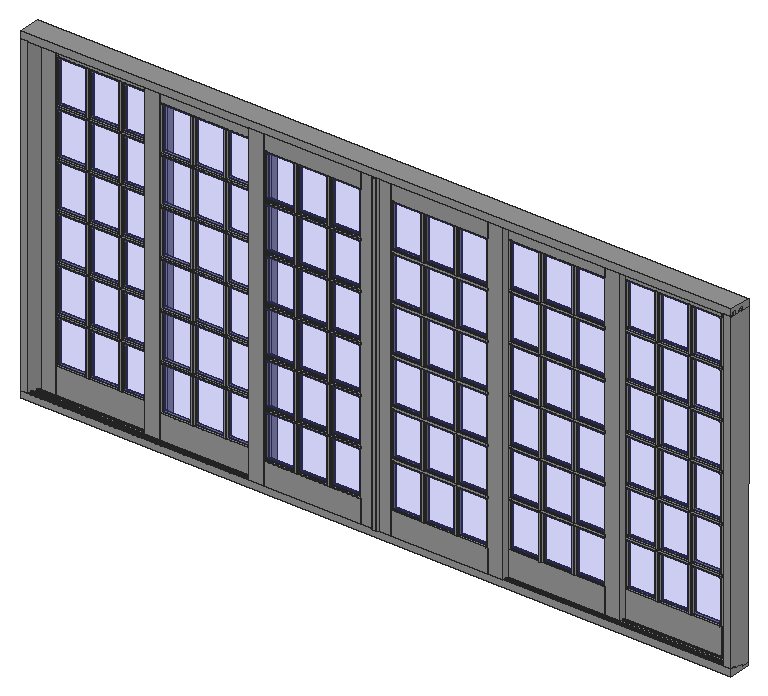
Revit family "VSD4.6SPCOTS", category Doors, host Wall, Revit 2015 (continued)
Automatic sketch dimensions
  Sweep 45 sketch curve to plane 3 "Left" = 1043.32 mm
  Sweep 45 sketch curve to Sweep 45 sketch curve = 197.32 mm
  Sweep 45 sketch curve to profile plane = 0 mm
  Sweep 45 sketch curve to profile plane = 0.241 mm
  Sweep 45 sketch curve to Sweep 45 sketch curve = 6.759 mm
  Sweep 45 sketch curve to Sweep 45 sketch curve = 2 mm  (x2)
  Sweep 45 sketch curve to profile plane = 132.5 mm
  Sweep 45 sketch curve to Sweep 45 sketch curve = 6 mm
  host wall to Extrusion 46 sketch curve = 4 mm  (x4)
  Extrusion 46 sketch curve to plane 2 "Center (Left/Right)" = 989.34 mm
  Extrusion 46 sketch curve to Extrusion 46 sketch curve = 2 mm  (x10)
  Extrusion 46 sketch curve to Extrusion 46 sketch curve = 6.759 mm  (x4)
  Extrusion 46 sketch curve to Extrusion 46 sketch curve = 0.241 mm  (x6)
  Extrusion 46 sketch curve to Extrusion 46 sketch curve = 13 mm  (x2)
  Extrusion 46 sketch curve to Extrusion 46 sketch curve = 0 mm  (x2)
  Extrusion 46 sketch curve to Extrusion 46 sketch curve = 179.34 mm
  Extrusion 46 sketch curve to host wall = 26 mm  (x2)
  Extrusion 46 sketch curve to Extrusion 46 sketch curve = 1.197 mm  (x4)
  plane 5 to Sweep 47 sketch curve = 425 mm
  Sweep 47 sketch curve to plane 2 "Center (Left/Right)" = 1011.36 mm
  Sweep 47 sketch curve to Sweep 47 sketch curve = 197.32 mm
  plane 5 to Sweep 47 sketch curve = 141 mm
  Sweep 47 sketch curve to profile plane = 0 mm
  Sweep 47 sketch curve to profile plane = 0.241 mm
  Sweep 47 sketch curve to Sweep 47 sketch curve = 6.759 mm
  Sweep 47 sketch curve to Sweep 47 sketch curve = 2 mm  (x2)
  Sweep 47 sketch curve to profile plane = 132.5 mm
  Sweep 47 sketch curve to Sweep 47 sketch curve = 6 mm
  Sweep 48 sketch curve to plane 2 "Center (Left/Right)" = 801.02 mm
  Sweep 48 sketch curve to Sweep 48 sketch curve = 197.32 mm
  plane 5 to Sweep 48 sketch curve = 141 mm
  Sweep 48 sketch curve to Sweep 48 sketch curve = 284 mm
  Sweep 48 sketch curve to profile plane = 0 mm
  Sweep 48 sketch curve to profile plane = 0.241 mm
  Sweep 48 sketch curve to Sweep 48 sketch curve = 6.759 mm
  Sweep 48 sketch curve to Sweep 48 sketch curve = 2 mm  (x2)
  Sweep 48 sketch curve to profile plane = 132.5 mm
  Sweep 48 sketch curve to Sweep 48 sketch curve = 6 mm
  Sweep 49 sketch curve to plane 3 "Left" = 1043.32 mm
  Sweep 49 sketch curve to Sweep 49 sketch curve = 197.32 mm
  plane 5 to Sweep 49 sketch curve = 438 mm
  Sweep 49 sketch curve to Sweep 49 sketch curve = 284 mm
  Sweep 49 sketch curve to profile plane = 0 mm
  Sweep 49 sketch curve to profile plane = 0.241 mm
  Sweep 49 sketch curve to Sweep 49 sketch curve = 6.759 mm
  Sweep 49 sketch curve to Sweep 49 sketch curve = 2 mm  (x2)
  Sweep 49 sketch curve to profile plane = 132.5 mm
  Sweep 49 sketch curve to Sweep 49 sketch curve = 6 mm
  host wall to Extrusion 50 sketch curve = 4 mm  (x4)
  Extrusion 50 sketch curve to plane 2 "Center (Left/Right)" = 989.34 mm
  Extrusion 50 sketch curve to Extrusion 50 sketch curve = 2 mm  (x10)
  Extrusion 50 sketch curve to Extrusion 50 sketch curve = 6.759 mm  (x4)
  Extrusion 50 sketch curve to Extrusion 50 sketch curve = 0.241 mm  (x6)
  Extrusion 50 sketch curve to Extrusion 50 sketch curve = 13 mm  (x2)
  Extrusion 50 sketch curve to Extrusion 50 sketch curve = 0 mm  (x2)
  Extrusion 50 sketch curve to Extrusion 50 sketch curve = 179.34 mm
  Extrusion 50 sketch curve to host wall = 26 mm  (x2)
  Extrusion 50 sketch curve to Extrusion 50 sketch curve = 1.197 mm  (x4)
  Sweep 51 sketch curve to plane 2 "Center (Left/Right)" = 1011.36 mm
  Sweep 51 sketch curve to Sweep 51 sketch curve = 197.32 mm
  plane 5 to Sweep 51 sketch curve = 438 mm
  Sweep 51 sketch curve to Sweep 51 sketch curve = 284 mm
  Sweep 51 sketch curve to profile plane = 0 mm
  Sweep 51 sketch curve to profile plane = 0.241 mm
  Sweep 51 sketch curve to Sweep 51 sketch curve = 6.759 mm
  Sweep 51 sketch curve to Sweep 51 sketch curve = 2 mm  (x2)
  Sweep 51 sketch curve to profile plane = 132.5 mm
  Sweep 51 sketch curve to Sweep 51 sketch curve = 6 mm
  Sweep 52 sketch curve to plane 2 "Center (Left/Right)" = 801.02 mm
  Sweep 52 sketch curve to Sweep 52 sketch curve = 197.32 mm
  plane 5 to Sweep 52 sketch curve = 438 mm
  Sweep 52 sketch curve to Sweep 52 sketch curve = 284 mm
  Sweep 52 sketch curve to profile plane = 0 mm
  Sweep 52 sketch curve to profile plane = 0.241 mm
  Sweep 52 sketch curve to Sweep 52 sketch curve = 6.759 mm
  Sweep 52 sketch curve to Sweep 52 sketch curve = 2 mm  (x2)
  Sweep 52 sketch curve to profile plane = 132.5 mm
  Sweep 52 sketch curve to Sweep 52 sketch curve = 6 mm
  Sweep 53 sketch curve to plane 3 "Left" = 1043.32 mm
  Sweep 53 sketch curve to Sweep 53 sketch curve = 197.32 mm
  plane 5 to Sweep 53 sketch curve = 735 mm
  Sweep 53 sketch curve to Sweep 53 sketch curve = 284 mm
  Sweep 53 sketch curve to profile plane = 0 mm
  Sweep 53 sketch curve to profile plane = 0.241 mm
  Sweep 53 sketch curve to Sweep 53 sketch curve = 6.759 mm
  Sweep 53 sketch curve to Sweep 53 sketch curve = 2 mm  (x2)
  Sweep 53 sketch curve to profile plane = 132.5 mm
  Sweep 53 sketch curve to Sweep 53 sketch curve = 6 mm
  host wall to Extrusion 54 sketch curve = 4 mm  (x4)
  Extrusion 54 sketch curve to plane 2 "Center (Left/Right)" = 989.34 mm
  Extrusion 54 sketch curve to Extrusion 54 sketch curve = 2 mm  (x10)
  Extrusion 54 sketch curve to Extrusion 54 sketch curve = 6.759 mm  (x4)
  Extrusion 54 sketch curve to Extrusion 54 sketch curve = 0.241 mm  (x6)
  Extrusion 54 sketch curve to Extrusion 54 sketch curve = 13 mm  (x2)
  Extrusion 54 sketch curve to Extrusion 54 sketch curve = 0 mm  (x2)
  Extrusion 54 sketch curve to Extrusion 54 sketch curve = 179.34 mm
  Extrusion 54 sketch curve to host wall = 26 mm  (x2)
  Extrusion 54 sketch curve to Extrusion 54 sketch curve = 1.197 mm  (x4)
  Sweep 55 sketch curve to plane 2 "Center (Left/Right)" = 1011.36 mm
  Sweep 55 sketch curve to Sweep 55 sketch curve = 197.32 mm
  plane 5 to Sweep 55 sketch curve = 735 mm
  Sweep 55 sketch curve to Sweep 55 sketch curve = 284 mm
  Sweep 55 sketch curve to profile plane = 0 mm
  Sweep 55 sketch curve to profile plane = 0.241 mm
  Sweep 55 sketch curve to Sweep 55 sketch curve = 6.759 mm
  Sweep 55 sketch curve to Sweep 55 sketch curve = 2 mm  (x2)
  Sweep 55 sketch curve to profile plane = 132.5 mm
  Sweep 55 sketch curve to Sweep 55 sketch curve = 6 mm
  Sweep 56 sketch curve to plane 2 "Center (Left/Right)" = 801.02 mm
  Sweep 56 sketch curve to Sweep 56 sketch curve = 197.32 mm
  plane 5 to Sweep 56 sketch curve = 735 mm
  Sweep 56 sketch curve to Sweep 56 sketch curve = 284 mm
  Sweep 56 sketch curve to profile plane = 0 mm
  Sweep 56 sketch curve to profile plane = 0.241 mm
  Sweep 56 sketch curve to Sweep 56 sketch curve = 6.759 mm
  Sweep 56 sketch curve to Sweep 56 sketch curve = 2 mm  (x2)
  Sweep 56 sketch curve to profile plane = 132.5 mm
  Sweep 56 sketch curve to Sweep 56 sketch curve = 6 mm
  Sweep 57 sketch curve to plane 3 "Left" = 1043.32 mm
  Sweep 57 sketch curve to Sweep 57 sketch curve = 197.32 mm
  plane 5 to Sweep 57 sketch curve = 1032 mm
  Sweep 57 sketch curve to Sweep 57 sketch curve = 284 mm
  Sweep 57 sketch curve to profile plane = 0 mm
  Sweep 57 sketch curve to profile plane = 0.241 mm
  Sweep 57 sketch curve to Sweep 57 sketch curve = 6.759 mm
  Sweep 57 sketch curve to Sweep 57 sketch curve = 2 mm  (x2)
  Sweep 57 sketch curve to profile plane = 132.5 mm
  Sweep 57 sketch curve to Sweep 57 sketch curve = 6 mm
  host wall to Extrusion 58 sketch curve = 4 mm  (x4)
  Extrusion 58 sketch curve to plane 2 "Center (Left/Right)" = 989.34 mm
  Extrusion 58 sketch curve to Extrusion 58 sketch curve = 2 mm  (x10)
  Extrusion 58 sketch curve to Extrusion 58 sketch curve = 6.759 mm  (x4)
  Extrusion 58 sketch curve to Extrusion 58 sketch curve = 0.241 mm  (x6)
  Extrusion 58 sketch curve to Extrusion 58 sketch curve = 13 mm  (x2)
  Extrusion 58 sketch curve to Extrusion 58 sketch curve = 0 mm  (x2)
  Extrusion 58 sketch curve to Extrusion 58 sketch curve = 179.34 mm
  Extrusion 58 sketch curve to host wall = 26 mm  (x2)
  Extrusion 58 sketch curve to Extrusion 58 sketch curve = 1.197 mm  (x4)
  Sweep 59 sketch curve to plane 2 "Center (Left/Right)" = 1011.36 mm
  Sweep 59 sketch curve to Sweep 59 sketch curve = 197.32 mm
  plane 5 to Sweep 59 sketch curve = 1032 mm
  Sweep 59 sketch curve to Sweep 59 sketch curve = 284 mm
  Sweep 59 sketch curve to profile plane = 0 mm
  Sweep 59 sketch curve to profile plane = 0.241 mm
  Sweep 59 sketch curve to Sweep 59 sketch curve = 6.759 mm
  Sweep 59 sketch curve to Sweep 59 sketch curve = 2 mm  (x2)
  Sweep 59 sketch curve to profile plane = 132.5 mm
  Sweep 59 sketch curve to Sweep 59 sketch curve = 6 mm
  Sweep 60 sketch curve to plane 2 "Center (Left/Right)" = 801.02 mm
  Sweep 60 sketch curve to Sweep 60 sketch curve = 197.32 mm
  plane 5 to Sweep 60 sketch curve = 1032 mm
  Sweep 60 sketch curve to Sweep 60 sketch curve = 284 mm
  Sweep 60 sketch curve to profile plane = 0 mm
  Sweep 60 sketch curve to profile plane = 0.241 mm
  Sweep 60 sketch curve to Sweep 60 sketch curve = 6.759 mm
  Sweep 60 sketch curve to Sweep 60 sketch curve = 2 mm  (x2)
  Sweep 60 sketch curve to profile plane = 132.5 mm
  Sweep 60 sketch curve to Sweep 60 sketch curve = 6 mm
  level to Sweep 61 sketch curve = 487 mm
  Sweep 61 sketch curve to plane 3 "Left" = 1043.32 mm
  Sweep 61 sketch curve to Sweep 61 sketch curve = 197.32 mm
  Sweep 61 sketch curve to Sweep 61 sketch curve = 284 mm
  Sweep 61 sketch curve to profile plane = 0 mm
  Sweep 61 sketch curve to profile plane = 0.241 mm
  Sweep 61 sketch curve to Sweep 61 sketch curve = 6.759 mm
  Sweep 61 sketch curve to Sweep 61 sketch curve = 2 mm  (x2)
  Sweep 61 sketch curve to profile plane = 132.5 mm
  Sweep 61 sketch curve to Sweep 61 sketch curve = 6 mm
  host wall to Extrusion 62 sketch curve = 4 mm  (x4)
  Extrusion 62 sketch curve to plane 2 "Center (Left/Right)" = 989.34 mm
  Extrusion 62 sketch curve to Extrusion 62 sketch curve = 2 mm  (x10)
  Extrusion 62 sketch curve to Extrusion 62 sketch curve = 6.759 mm  (x4)
  Extrusion 62 sketch curve to Extrusion 62 sketch curve = 0.241 mm  (x6)
  Extrusion 62 sketch curve to Extrusion 62 sketch curve = 13 mm  (x2)
  Extrusion 62 sketch curve to Extrusion 62 sketch curve = 0 mm  (x2)
  Extrusion 62 sketch curve to Extrusion 62 sketch curve = 179.34 mm
  Extrusion 62 sketch curve to host wall = 26 mm  (x2)
  Extrusion 62 sketch curve to Extrusion 62 sketch curve = 1.197 mm  (x4)
  level to Sweep 63 sketch curve = 487 mm
  Sweep 63 sketch curve to plane 2 "Center (Left/Right)" = 1011.36 mm
  Sweep 63 sketch curve to Sweep 63 sketch curve = 197.32 mm
  Sweep 63 sketch curve to Sweep 63 sketch curve = 284 mm
  Sweep 63 sketch curve to profile plane = 0 mm
  Sweep 63 sketch curve to profile plane = 0.241 mm
  Sweep 63 sketch curve to Sweep 63 sketch curve = 6.759 mm
  Sweep 63 sketch curve to Sweep 63 sketch curve = 2 mm  (x2)
  Sweep 63 sketch curve to profile plane = 132.5 mm
  Sweep 63 sketch curve to Sweep 63 sketch curve = 6 mm
  Sweep 64 sketch curve to plane 2 "Center (Left/Right)" = 801.02 mm
  Sweep 64 sketch curve to Sweep 64 sketch curve = 197.32 mm
  level to Sweep 64 sketch curve = 771 mm
  Sweep 64 sketch curve to Sweep 64 sketch curve = 284 mm
  Sweep 64 sketch curve to profile plane = 0 mm
  Sweep 64 sketch curve to profile plane = 0.241 mm
  Sweep 64 sketch curve to Sweep 64 sketch curve = 6.759 mm
  Sweep 64 sketch curve to Sweep 64 sketch curve = 2 mm  (x2)
  Sweep 64 sketch curve to profile plane = 132.5 mm
  Sweep 64 sketch curve to Sweep 64 sketch curve = 6 mm
  level to Sweep 65 sketch curve = 190 mm
  Sweep 65 sketch curve to plane 3 "Left" = 1043.32 mm
  Sweep 65 sketch curve to Sweep 65 sketch curve = 197.32 mm
  Sweep 65 sketch curve to Sweep 65 sketch curve = 284 mm
  Sweep 65 sketch curve to profile plane = 0 mm
  Sweep 65 sketch curve to profile plane = 0.241 mm
  Sweep 65 sketch curve to Sweep 65 sketch curve = 6.759 mm
  Sweep 65 sketch curve to Sweep 65 sketch curve = 2 mm  (x2)
  Sweep 65 sketch curve to profile plane = 132.5 mm
  Sweep 65 sketch curve to Sweep 65 sketch curve = 6 mm
  host wall to Extrusion 66 sketch curve = 4 mm  (x4)
  Extrusion 66 sketch curve to plane 2 "Center (Left/Right)" = 989.34 mm
  Extrusion 66 sketch curve to Extrusion 66 sketch curve = 2 mm  (x10)
  Extrusion 66 sketch curve to Extrusion 66 sketch curve = 6.759 mm  (x4)
  Extrusion 66 sketch curve to Extrusion 66 sketch curve = 0.241 mm  (x6)
  Extrusion 66 sketch curve to Extrusion 66 sketch curve = 13 mm  (x2)
  Extrusion 66 sketch curve to Extrusion 66 sketch curve = 0 mm  (x2)
  Extrusion 66 sketch curve to Extrusion 66 sketch curve = 179.34 mm
  Extrusion 66 sketch curve to host wall = 26 mm  (x2)
  Extrusion 66 sketch curve to Extrusion 66 sketch curve = 1.197 mm  (x4)
  level to Sweep 67 sketch curve = 190 mm
  Sweep 67 sketch curve to plane 2 "Center (Left/Right)" = 1011.36 mm
  Sweep 67 sketch curve to Sweep 67 sketch curve = 197.32 mm
  Sweep 67 sketch curve to Sweep 67 sketch curve = 284 mm
  Sweep 67 sketch curve to profile plane = 0 mm
  Sweep 67 sketch curve to profile plane = 0.241 mm
  Sweep 67 sketch curve to Sweep 67 sketch curve = 6.759 mm
  Sweep 67 sketch curve to Sweep 67 sketch curve = 2 mm  (x2)
  Sweep 67 sketch curve to profile plane = 132.5 mm
  Sweep 67 sketch curve to Sweep 67 sketch curve = 6 mm
  level to Sweep 68 sketch curve = 190 mm
  Sweep 68 sketch curve to plane 2 "Center (Left/Right)" = 801.02 mm
  Sweep 68 sketch curve to Sweep 68 sketch curve = 197.32 mm
  Sweep 68 sketch curve to Sweep 68 sketch curve = 284 mm
  Sweep 68 sketch curve to profile plane = 0 mm
  Sweep 68 sketch curve to profile plane = 0.241 mm
  Sweep 68 sketch curve to Sweep 68 sketch curve = 6.759 mm
  Sweep 68 sketch curve to Sweep 68 sketch curve = 2 mm  (x2)
  Sweep 68 sketch curve to profile plane = 132.5 mm
  Sweep 68 sketch curve to Sweep 68 sketch curve = 6 mm
  Extrusion 69 sketch curve to plane 2 "Center (Left/Right)" = 801 mm  (x2)
  level to Extrusion 69 sketch curve = 190 mm  (x2)
  Extrusion 69 sketch curve to Extrusion 69 sketch curve = 0.01 mm  (x9)
  Extrusion 69 sketch curve to Extrusion 69 sketch curve = 0 mm  (x25)
  Extrusion 69 sketch curve to Extrusion 69 sketch curve = 197.299 mm  (x4)
  Extrusion 69 sketch curve to Extrusion 69 sketch curve = 197.31 mm  (x4)
  Extrusion 69 sketch curve to Extrusion 69 sketch curve = 13.04 mm
  Extrusion 69 sketch curve to Extrusion 69 sketch curve = 13.05 mm
  Extrusion 69 sketch curve to Extrusion 69 sketch curve = 13.01 mm  (x2)
  Extrusion 69 sketch curve to Extrusion 69 sketch curve = 13 mm  (x4)
  Extrusion 69 sketch curve to Extrusion 69 sketch curve = 13.021 mm  (x2)
  Extrusion 69 sketch curve to Extrusion 69 sketch curve = 197.32 mm
  Extrusion 69 sketch curve to Extrusion 69 sketch curve = 284 mm
  Extrusion 69 sketch curve to Extrusion 69 sketch curve = 283.989 mm  (x2)
  Extrusion 69 sketch curve to Extrusion 69 sketch curve = 13.022 mm  (x6)
  Extrusion 69 sketch curve to Extrusion 69 sketch curve = 283.978 mm  (x2)
  Extrusion 69 sketch curve to Extrusion 69 sketch curve = 13.011 mm  (x2)
  plane 5 to Extrusion 69 sketch curve = 141 mm  (x2)
  Extrusion 70 sketch curve to host wall = 5 mm  (x7)
  Extrusion 70 sketch curve to Extrusion 70 sketch curve = 2 mm  (x28)
  Extrusion 70 sketch curve to Extrusion 70 sketch curve = 6 mm  (x12)
  Extrusion 70 sketch curve to Extrusion 70 sketch curve = 0.803 mm  (x6)
  Extrusion 70 sketch curve to Extrusion 70 sketch curve = 6.803 mm  (x6)
  Extrusion 70 sketch curve to Extrusion 70 sketch curve = 1.197 mm  (x8)
  Extrusion 70 sketch curve to Extrusion 70 sketch curve = 30 mm  (x5)
  host wall to Extrusion 70 sketch curve = 30 mm  (x2)
  plane 5 to Extrusion 70 sketch curve = 45 mm
  Extrusion 70 sketch curve to Extrusion 70 sketch curve = 96 mm
  Extrusion 70 sketch curve to Extrusion 70 sketch curve = 0 mm  (x6)
  Extrusion 70 sketch curve to Extrusion 70 sketch curve = 0.241 mm  (x12)
  Extrusion 70 sketch curve to Extrusion 70 sketch curve = 266 mm  (x5)
  Extrusion 70 sketch curve to Extrusion 70 sketch curve = 6.759 mm  (x6)
  Extrusion 70 sketch curve to Extrusion 70 sketch curve = 13 mm  (x5)
  level to Extrusion 70 sketch curve = 199 mm
  level to Extrusion 70 sketch curve = 45 mm
  Sweep 71 sketch curve to plane 2 "Center (Left/Right)" = 516.68 mm
  Sweep 71 sketch curve to Sweep 71 sketch curve = 197.32 mm
  Sweep 71 sketch curve to Sweep 71 sketch curve = 284 mm
  Sweep 71 sketch curve to profile plane = 0 mm
  Sweep 71 sketch curve to profile plane = 0.241 mm
  Sweep 71 sketch curve to Sweep 71 sketch curve = 6.759 mm
  Sweep 71 sketch curve to Sweep 71 sketch curve = 2 mm  (x2)
  Sweep 71 sketch curve to profile plane = 132.5 mm
  Sweep 71 sketch curve to Sweep 71 sketch curve = 6 mm
  Extrusion 72 sketch curve to host wall = 15 mm  (x2)
  Extrusion 72 sketch curve to plane 2 "Center (Left/Right)" = 284.34 mm
  Extrusion 72 sketch curve to Extrusion 72 sketch curve = 2 mm  (x10)
  Extrusion 72 sketch curve to Extrusion 72 sketch curve = 6.759 mm  (x4)
  Extrusion 72 sketch curve to Extrusion 72 sketch curve = 0.241 mm  (x6)
  Extrusion 72 sketch curve to Extrusion 72 sketch curve = 13 mm  (x2)
  Extrusion 72 sketch curve to Extrusion 72 sketch curve = 0 mm  (x4)
  Extrusion 72 sketch curve to Extrusion 72 sketch curve = 179.34 mm
  Extrusion 72 sketch curve to Extrusion 72 sketch curve = 30 mm  (x2)
  Extrusion 72 sketch curve to Extrusion 72 sketch curve = 1.197 mm  (x4)
  Sweep 73 sketch curve to plane 2 "Center (Left/Right)" = 306.36 mm
  Sweep 73 sketch curve to Sweep 73 sketch curve = 197.32 mm
  plane 5 to Sweep 73 sketch curve = 141 mm
  Sweep 73 sketch curve to Sweep 73 sketch curve = 284 mm
  Sweep 73 sketch curve to profile plane = 0 mm
  Sweep 73 sketch curve to profile plane = 0.241 mm
  Sweep 73 sketch curve to Sweep 73 sketch curve = 6.759 mm
  Sweep 73 sketch curve to Sweep 73 sketch curve = 2 mm  (x2)
  Sweep 73 sketch curve to profile plane = 132.5 mm
  Sweep 73 sketch curve to Sweep 73 sketch curve = 6 mm
  Sweep 74 sketch curve to plane 2 "Center (Left/Right)" = 96.02 mm
  Sweep 74 sketch curve to Sweep 74 sketch curve = 197.32 mm
  plane 5 to Sweep 74 sketch curve = 141 mm
  Sweep 74 sketch curve to Sweep 74 sketch curve = 284 mm
  Sweep 74 sketch curve to profile plane = 0 mm
  Sweep 74 sketch curve to profile plane = 0.241 mm
  Sweep 74 sketch curve to Sweep 74 sketch curve = 6.759 mm
  Sweep 74 sketch curve to Sweep 74 sketch curve = 2 mm  (x2)
  Sweep 74 sketch curve to profile plane = 132.5 mm
  Sweep 74 sketch curve to Sweep 74 sketch curve = 6 mm
  Sweep 75 sketch curve to plane 2 "Center (Left/Right)" = 516.68 mm
  Sweep 75 sketch curve to Sweep 75 sketch curve = 197.32 mm
  plane 5 to Sweep 75 sketch curve = 438 mm
  Sweep 75 sketch curve to Sweep 75 sketch curve = 284 mm
  Sweep 75 sketch curve to profile plane = 0 mm
  Sweep 75 sketch curve to profile plane = 0.241 mm
  Sweep 75 sketch curve to Sweep 75 sketch curve = 6.759 mm
  Sweep 75 sketch curve to Sweep 75 sketch curve = 2 mm  (x2)
  Sweep 75 sketch curve to profile plane = 132.5 mm
  Sweep 75 sketch curve to Sweep 75 sketch curve = 6 mm
  Extrusion 76 sketch curve to host wall = 15 mm  (x2)
  Extrusion 76 sketch curve to plane 2 "Center (Left/Right)" = 284.34 mm
  Extrusion 76 sketch curve to Extrusion 76 sketch curve = 2 mm  (x10)
  Extrusion 76 sketch curve to Extrusion 76 sketch curve = 6.759 mm  (x4)
  Extrusion 76 sketch curve to Extrusion 76 sketch curve = 0.241 mm  (x6)
  Extrusion 76 sketch curve to Extrusion 76 sketch curve = 13 mm  (x2)
  Extrusion 76 sketch curve to Extrusion 76 sketch curve = 0 mm  (x4)
  Extrusion 76 sketch curve to Extrusion 76 sketch curve = 179.34 mm
  Extrusion 76 sketch curve to Extrusion 76 sketch curve = 30 mm  (x2)
  Extrusion 76 sketch curve to Extrusion 76 sketch curve = 1.197 mm  (x4)
  Sweep 77 sketch curve to plane 2 "Center (Left/Right)" = 306.36 mm
  Sweep 77 sketch curve to Sweep 77 sketch curve = 197.32 mm
  plane 5 to Sweep 77 sketch curve = 438 mm
  Sweep 77 sketch curve to Sweep 77 sketch curve = 284 mm
  Sweep 77 sketch curve to profile plane = 0 mm
  Sweep 77 sketch curve to profile plane = 0.241 mm
  Sweep 77 sketch curve to Sweep 77 sketch curve = 6.759 mm
  Sweep 77 sketch curve to Sweep 77 sketch curve = 2 mm  (x2)
  Sweep 77 sketch curve to profile plane = 132.5 mm
  Sweep 77 sketch curve to Sweep 77 sketch curve = 6 mm
  Sweep 78 sketch curve to plane 2 "Center (Left/Right)" = 96.02 mm
  Sweep 78 sketch curve to Sweep 78 sketch curve = 197.32 mm
  plane 5 to Sweep 78 sketch curve = 438 mm
  Sweep 78 sketch curve to Sweep 78 sketch curve = 284 mm
  Sweep 78 sketch curve to profile plane = 0 mm
  Sweep 78 sketch curve to profile plane = 0.241 mm
  Sweep 78 sketch curve to Sweep 78 sketch curve = 6.759 mm
  Sweep 78 sketch curve to Sweep 78 sketch curve = 2 mm  (x2)
  Sweep 78 sketch curve to profile plane = 132.5 mm
  Sweep 78 sketch curve to Sweep 78 sketch curve = 6 mm
  Sweep 79 sketch curve to plane 2 "Center (Left/Right)" = 516.68 mm
  Sweep 79 sketch curve to Sweep 79 sketch curve = 197.32 mm
  plane 5 to Sweep 79 sketch curve = 735 mm
  Sweep 79 sketch curve to Sweep 79 sketch curve = 284 mm
  Sweep 79 sketch curve to profile plane = 0 mm
  Sweep 79 sketch curve to profile plane = 0.241 mm
  Sweep 79 sketch curve to Sweep 79 sketch curve = 6.759 mm
  Sweep 79 sketch curve to Sweep 79 sketch curve = 2 mm  (x2)
  Sweep 79 sketch curve to profile plane = 132.5 mm
  Sweep 79 sketch curve to Sweep 79 sketch curve = 6 mm
  Extrusion 80 sketch curve to host wall = 15 mm  (x2)
  Extrusion 80 sketch curve to plane 2 "Center (Left/Right)" = 284.34 mm
  Extrusion 80 sketch curve to Extrusion 80 sketch curve = 2 mm  (x10)
  Extrusion 80 sketch curve to Extrusion 80 sketch curve = 6.759 mm  (x4)
  Extrusion 80 sketch curve to Extrusion 80 sketch curve = 0.241 mm  (x6)
  Extrusion 80 sketch curve to Extrusion 80 sketch curve = 13 mm  (x2)
  Extrusion 80 sketch curve to Extrusion 80 sketch curve = 0 mm  (x4)
  Extrusion 80 sketch curve to Extrusion 80 sketch curve = 179.34 mm
  Extrusion 80 sketch curve to Extrusion 80 sketch curve = 30 mm  (x2)
  Extrusion 80 sketch curve to Extrusion 80 sketch curve = 1.197 mm  (x4)
  Sweep 81 sketch curve to plane 2 "Center (Left/Right)" = 306.36 mm
  Sweep 81 sketch curve to Sweep 81 sketch curve = 197.32 mm
  plane 5 to Sweep 81 sketch curve = 735 mm
  Sweep 81 sketch curve to Sweep 81 sketch curve = 284 mm
  Sweep 81 sketch curve to profile plane = 0 mm
  Sweep 81 sketch curve to profile plane = 0.241 mm
  Sweep 81 sketch curve to Sweep 81 sketch curve = 6.759 mm
  Sweep 81 sketch curve to Sweep 81 sketch curve = 2 mm  (x2)
  Sweep 81 sketch curve to profile plane = 132.5 mm
  Sweep 81 sketch curve to Sweep 81 sketch curve = 6 mm
  Sweep 82 sketch curve to plane 2 "Center (Left/Right)" = 96.02 mm
  Sweep 82 sketch curve to Sweep 82 sketch curve = 197.32 mm
  plane 5 to Sweep 82 sketch curve = 735 mm
  Sweep 82 sketch curve to Sweep 82 sketch curve = 284 mm
  Sweep 82 sketch curve to profile plane = 0 mm
  Sweep 82 sketch curve to profile plane = 0.241 mm
  Sweep 82 sketch curve to Sweep 82 sketch curve = 6.759 mm
  Sweep 82 sketch curve to Sweep 82 sketch curve = 2 mm  (x2)
  Sweep 82 sketch curve to profile plane = 132.5 mm
  Sweep 82 sketch curve to Sweep 82 sketch curve = 6 mm
  Sweep 83 sketch curve to plane 2 "Center (Left/Right)" = 516.68 mm
  Sweep 83 sketch curve to Sweep 83 sketch curve = 197.32 mm
  plane 5 to Sweep 83 sketch curve = 1032 mm
  Sweep 83 sketch curve to Sweep 83 sketch curve = 284 mm
  Sweep 83 sketch curve to profile plane = 0 mm
  Sweep 83 sketch curve to profile plane = 0.241 mm
  Sweep 83 sketch curve to Sweep 83 sketch curve = 6.759 mm
  Sweep 83 sketch curve to Sweep 83 sketch curve = 2 mm  (x2)
  Sweep 83 sketch curve to profile plane = 132.5 mm
  Sweep 83 sketch curve to Sweep 83 sketch curve = 6 mm
  Extrusion 84 sketch curve to host wall = 15 mm  (x2)
  Extrusion 84 sketch curve to plane 2 "Center (Left/Right)" = 284.34 mm
  Extrusion 84 sketch curve to Extrusion 84 sketch curve = 2 mm  (x10)
  Extrusion 84 sketch curve to Extrusion 84 sketch curve = 6.759 mm  (x4)
  Extrusion 84 sketch curve to Extrusion 84 sketch curve = 0.241 mm  (x6)
  Extrusion 84 sketch curve to Extrusion 84 sketch curve = 13 mm  (x2)
  Extrusion 84 sketch curve to Extrusion 84 sketch curve = 0 mm  (x4)
  Extrusion 84 sketch curve to Extrusion 84 sketch curve = 179.34 mm
  Extrusion 84 sketch curve to Extrusion 84 sketch curve = 30 mm  (x2)
  Extrusion 84 sketch curve to Extrusion 84 sketch curve = 1.197 mm  (x4)
  Sweep 85 sketch curve to plane 2 "Center (Left/Right)" = 306.36 mm
  Sweep 85 sketch curve to Sweep 85 sketch curve = 197.32 mm
  plane 5 to Sweep 85 sketch curve = 1032 mm
  Sweep 85 sketch curve to Sweep 85 sketch curve = 284 mm
  Sweep 85 sketch curve to profile plane = 0 mm
  Sweep 85 sketch curve to profile plane = 0.241 mm
  Sweep 85 sketch curve to Sweep 85 sketch curve = 6.759 mm
  Sweep 85 sketch curve to Sweep 85 sketch curve = 2 mm  (x2)
  Sweep 85 sketch curve to profile plane = 132.5 mm
  Sweep 85 sketch curve to Sweep 85 sketch curve = 6 mm
  Sweep 86 sketch curve to plane 2 "Center (Left/Right)" = 96.02 mm
  Sweep 86 sketch curve to Sweep 86 sketch curve = 197.32 mm
  plane 5 to Sweep 86 sketch curve = 1032 mm
  Sweep 86 sketch curve to Sweep 86 sketch curve = 284 mm
  Sweep 86 sketch curve to profile plane = 0 mm
  Sweep 86 sketch curve to profile plane = 0.241 mm
  Sweep 86 sketch curve to Sweep 86 sketch curve = 6.759 mm
  Sweep 86 sketch curve to Sweep 86 sketch curve = 2 mm  (x2)
  Sweep 86 sketch curve to profile plane = 132.5 mm
  Sweep 86 sketch curve to Sweep 86 sketch curve = 6 mm
  Sweep 87 sketch curve to plane 2 "Center (Left/Right)" = 516.68 mm
  Sweep 87 sketch curve to Sweep 87 sketch curve = 197.32 mm
  level to Sweep 87 sketch curve = 771 mm
  Sweep 87 sketch curve to Sweep 87 sketch curve = 284 mm
  Sweep 87 sketch curve to profile plane = 0 mm
  Sweep 87 sketch curve to profile plane = 0.241 mm
  Sweep 87 sketch curve to Sweep 87 sketch curve = 6.759 mm
  Sweep 87 sketch curve to Sweep 87 sketch curve = 2 mm  (x2)
  Sweep 87 sketch curve to profile plane = 132.5 mm
  Sweep 87 sketch curve to Sweep 87 sketch curve = 6 mm
  Extrusion 88 sketch curve to host wall = 15 mm  (x2)
  Extrusion 88 sketch curve to plane 2 "Center (Left/Right)" = 284.34 mm
  Extrusion 88 sketch curve to Extrusion 88 sketch curve = 2 mm  (x10)
  Extrusion 88 sketch curve to Extrusion 88 sketch curve = 6.759 mm  (x4)
  Extrusion 88 sketch curve to Extrusion 88 sketch curve = 0.241 mm  (x6)
  Extrusion 88 sketch curve to Extrusion 88 sketch curve = 13 mm  (x2)
  Extrusion 88 sketch curve to Extrusion 88 sketch curve = 0 mm  (x4)
  Extrusion 88 sketch curve to Extrusion 88 sketch curve = 179.34 mm
  Extrusion 88 sketch curve to Extrusion 88 sketch curve = 30 mm  (x2)
  Extrusion 88 sketch curve to Extrusion 88 sketch curve = 1.197 mm  (x4)
  Sweep 89 sketch curve to plane 2 "Center (Left/Right)" = 306.36 mm
  Sweep 89 sketch curve to Sweep 89 sketch curve = 197.32 mm
  level to Sweep 89 sketch curve = 771 mm
  Sweep 89 sketch curve to Sweep 89 sketch curve = 284 mm
  Sweep 89 sketch curve to profile plane = 0 mm
  Sweep 89 sketch curve to profile plane = 0.241 mm
  Sweep 89 sketch curve to Sweep 89 sketch curve = 6.759 mm
  Sweep 89 sketch curve to Sweep 89 sketch curve = 2 mm  (x2)
  Sweep 89 sketch curve to profile plane = 132.5 mm
  Sweep 89 sketch curve to Sweep 89 sketch curve = 6 mm
  Sweep 90 sketch curve to plane 2 "Center (Left/Right)" = 96.02 mm
  Sweep 90 sketch curve to Sweep 90 sketch curve = 197.32 mm
  level to Sweep 90 sketch curve = 771 mm
  Sweep 90 sketch curve to Sweep 90 sketch curve = 284 mm
  Sweep 90 sketch curve to profile plane = 0 mm
  Sweep 90 sketch curve to profile plane = 0.241 mm
  Sweep 90 sketch curve to Sweep 90 sketch curve = 6.759 mm
  Sweep 90 sketch curve to Sweep 90 sketch curve = 2 mm  (x2)
  Sweep 90 sketch curve to profile plane = 132.5 mm
  Sweep 90 sketch curve to Sweep 90 sketch curve = 6 mm
  level to Sweep 91 sketch curve = 190 mm
  Sweep 91 sketch curve to plane 2 "Center (Left/Right)" = 516.68 mm
  Sweep 91 sketch curve to Sweep 91 sketch curve = 197.32 mm
  Sweep 91 sketch curve to Sweep 91 sketch curve = 284 mm
  Sweep 91 sketch curve to profile plane = 0 mm
  Sweep 91 sketch curve to profile plane = 0.241 mm
  Sweep 91 sketch curve to Sweep 91 sketch curve = 6.759 mm
  Sweep 91 sketch curve to Sweep 91 sketch curve = 2 mm  (x2)
  Sweep 91 sketch curve to profile plane = 132.5 mm
  Sweep 91 sketch curve to Sweep 91 sketch curve = 6 mm
  Extrusion 92 sketch curve to host wall = 15 mm  (x2)
  Extrusion 92 sketch curve to plane 2 "Center (Left/Right)" = 284.34 mm
  Extrusion 92 sketch curve to Extrusion 92 sketch curve = 2 mm  (x10)
  Extrusion 92 sketch curve to Extrusion 92 sketch curve = 6.759 mm  (x4)
  Extrusion 92 sketch curve to Extrusion 92 sketch curve = 0.241 mm  (x6)
  Extrusion 92 sketch curve to Extrusion 92 sketch curve = 13 mm  (x2)
  Extrusion 92 sketch curve to Extrusion 92 sketch curve = 0 mm  (x4)
  Extrusion 92 sketch curve to Extrusion 92 sketch curve = 179.34 mm
  Extrusion 92 sketch curve to Extrusion 92 sketch curve = 30 mm  (x2)
  Extrusion 92 sketch curve to Extrusion 92 sketch curve = 1.197 mm  (x4)
  Sweep 93 sketch curve to plane 2 "Center (Left/Right)" = 306.36 mm
  Sweep 93 sketch curve to Sweep 93 sketch curve = 197.32 mm
  level to Sweep 93 sketch curve = 474 mm
  level to Sweep 93 sketch curve = 190 mm
  Sweep 93 sketch curve to profile plane = 0 mm
  Sweep 93 sketch curve to profile plane = 0.241 mm
  Sweep 93 sketch curve to Sweep 93 sketch curve = 6.759 mm
  Sweep 93 sketch curve to Sweep 93 sketch curve = 2 mm  (x2)
  Sweep 93 sketch curve to profile plane = 132.5 mm
  Sweep 93 sketch curve to Sweep 93 sketch curve = 6 mm
  Sweep 94 sketch curve to plane 2 "Center (Left/Right)" = 96.02 mm
  Sweep 94 sketch curve to Sweep 94 sketch curve = 197.32 mm
  level to Sweep 94 sketch curve = 474 mm
  level to Sweep 94 sketch curve = 190 mm
  Sweep 94 sketch curve to profile plane = 0 mm
  Sweep 94 sketch curve to profile plane = 0.241 mm
  Sweep 94 sketch curve to Sweep 94 sketch curve = 6.759 mm
  Sweep 94 sketch curve to Sweep 94 sketch curve = 2 mm  (x2)
  Sweep 94 sketch curve to profile plane = 132.5 mm
  Sweep 94 sketch curve to Sweep 94 sketch curve = 6 mm
  Extrusion 95 sketch curve to plane 2 "Center (Left/Right)" = 96 mm  (x2)
  Extrusion 95 sketch curve to Extrusion 95 sketch curve = 0.01 mm  (x9)
  Extrusion 95 sketch curve to Extrusion 95 sketch curve = 0 mm  (x21)
  Extrusion 95 sketch curve to Extrusion 95 sketch curve = 197.299 mm  (x4)
  Extrusion 95 sketch curve to Extrusion 95 sketch curve = 197.31 mm  (x4)
  Extrusion 95 sketch curve to Extrusion 95 sketch curve = 13.04 mm
  Extrusion 95 sketch curve to Extrusion 95 sketch curve = 13.05 mm
  Extrusion 95 sketch curve to Extrusion 95 sketch curve = 13.01 mm  (x2)
  Extrusion 95 sketch curve to Extrusion 95 sketch curve = 13 mm  (x4)
  Extrusion 95 sketch curve to Extrusion 95 sketch curve = 13.021 mm  (x2)
  Extrusion 95 sketch curve to Extrusion 95 sketch curve = 197.32 mm
  plane 5 to Extrusion 95 sketch curve = 141 mm  (x2)
  Extrusion 95 sketch curve to Extrusion 95 sketch curve = 283.989 mm  (x3)
  Extrusion 95 sketch curve to Extrusion 95 sketch curve = 13.022 mm  (x8)
  Extrusion 95 sketch curve to Extrusion 95 sketch curve = 13.011 mm  (x3)
  Extrusion 95 sketch curve to Extrusion 95 sketch curve = 283.978 mm  (x2)
  level to Extrusion 95 sketch curve = 190 mm  (x3)
  Extrusion 96 sketch curve to host wall = 34 mm  (x7)
  Extrusion 96 sketch curve to Extrusion 96 sketch curve = 2 mm  (x28)
  Extrusion 96 sketch curve to Extrusion 96 sketch curve = 6 mm  (x12)
  Extrusion 96 sketch curve to Extrusion 96 sketch curve = 0.803 mm  (x9)
  Extrusion 96 sketch curve to Extrusion 96 sketch curve = 6.803 mm  (x3)
  Extrusion 96 sketch curve to Extrusion 96 sketch curve = 1.197 mm  (x8)
  Extrusion 96 sketch curve to host wall = 1 mm  (x7)
  level to Extrusion 96 sketch curve = 21 mm
  Extrusion 96 sketch curve to Extrusion 96 sketch curve = 169 mm
  Extrusion 96 sketch curve to Extrusion 96 sketch curve = 0 mm  (x4)
  Extrusion 96 sketch curve to Extrusion 96 sketch curve = 0.241 mm  (x12)
  Extrusion 96 sketch curve to Extrusion 96 sketch curve = 266 mm  (x5)
  Extrusion 96 sketch curve to Extrusion 96 sketch curve = 6.759 mm  (x6)
  Extrusion 96 sketch curve to Extrusion 96 sketch curve = 13 mm  (x7)
  plane 5 to Extrusion 96 sketch curve = 150 mm
  plane 5 to Extrusion 96 sketch curve = 45 mm
  plane 4 "Right" to Sweep 97 sketch curve = 338.32 mm
  plane 4 "Right" to Sweep 97 sketch curve = 141 mm
  Sweep 97 sketch curve to Sweep 97 sketch curve = 284 mm
  profile plane to Sweep 97 sketch curve = 0 mm
  profile plane to Sweep 97 sketch curve = 0.241 mm
  Sweep 97 sketch curve to Sweep 97 sketch curve = 6.759 mm
  Sweep 97 sketch curve to Sweep 97 sketch curve = 2 mm  (x2)
  Sweep 97 sketch curve to profile plane = 132.5 mm
  Sweep 97 sketch curve to Sweep 97 sketch curve = 6 mm
  plane 4 "Right" to Extrusion 98 sketch curve = 759 mm  (x2)
  level to Extrusion 98 sketch curve = 190 mm  (x2)
  Extrusion 98 sketch curve to Extrusion 98 sketch curve = 0.01 mm  (x9)
  Extrusion 98 sketch curve to Extrusion 98 sketch curve = 0 mm  (x20)
  Extrusion 98 sketch curve to Extrusion 98 sketch curve = 197.299 mm  (x3)
  Extrusion 98 sketch curve to Extrusion 98 sketch curve = 197.31 mm  (x3)
  Extrusion 98 sketch curve to Extrusion 98 sketch curve = 13.04 mm
  Extrusion 98 sketch curve to Extrusion 98 sketch curve = 13.05 mm
  Extrusion 98 sketch curve to Extrusion 98 sketch curve = 13.01 mm  (x2)
  Extrusion 98 sketch curve to Extrusion 98 sketch curve = 13 mm  (x4)
  Extrusion 98 sketch curve to Extrusion 98 sketch curve = 13.021 mm  (x2)
  plane 4 "Right" to Extrusion 98 sketch curve = 141.01 mm  (x2)
  plane 4 "Right" to Extrusion 98 sketch curve = 141 mm
  Extrusion 98 sketch curve to Extrusion 98 sketch curve = 284 mm
  Extrusion 98 sketch curve to Extrusion 98 sketch curve = 283.989 mm  (x3)
  Extrusion 98 sketch curve to Extrusion 98 sketch curve = 13.022 mm  (x8)
  Extrusion 98 sketch curve to Extrusion 98 sketch curve = 283.978 mm  (x2)
  Extrusion 98 sketch curve to Extrusion 98 sketch curve = 13.011 mm  (x3)
  plane 5 to Extrusion 98 sketch curve = 141 mm  (x3)
  Extrusion 99 sketch curve to host wall = 31 mm  (x2)
  plane 4 "Right" to Extrusion 99 sketch curve = 570.66 mm
  Extrusion 99 sketch curve to Extrusion 99 sketch curve = 2 mm  (x8)
  Extrusion 99 sketch curve to Extrusion 99 sketch curve = 6.759 mm  (x4)
  Extrusion 99 sketch curve to Extrusion 99 sketch curve = 0.241 mm  (x6)
  Extrusion 99 sketch curve to Extrusion 99 sketch curve = 13 mm  (x2)
  Extrusion 99 sketch curve to Extrusion 99 sketch curve = 0 mm  (x2)
  Extrusion 99 sketch curve to Extrusion 99 sketch curve = 179.34 mm
  Extrusion 99 sketch curve to Extrusion 99 sketch curve = 1.197 mm  (x6)
  Extrusion 99 sketch curve to Extrusion 99 sketch curve = 0.803 mm  (x2)
  Extrusion 99 sketch curve to host wall = 1 mm  (x2)
  plane 4 "Right" to Sweep 100 sketch curve = 548.64 mm
  Sweep 100 sketch curve to Sweep 100 sketch curve = 197.32 mm
  plane 5 to Sweep 100 sketch curve = 425 mm
  plane 5 to Sweep 100 sketch curve = 141 mm
  profile plane to Sweep 100 sketch curve = 0 mm
  profile plane to Sweep 100 sketch curve = 0.241 mm
  Sweep 100 sketch curve to Sweep 100 sketch curve = 6.759 mm
  Sweep 100 sketch curve to Sweep 100 sketch curve = 2 mm  (x2)
  Sweep 100 sketch curve to profile plane = 132.5 mm
  Sweep 100 sketch curve to Sweep 100 sketch curve = 6 mm
  plane 4 "Right" to Sweep 101 sketch curve = 758.98 mm
  Sweep 101 sketch curve to Sweep 101 sketch curve = 197.32 mm
  plane 5 to Sweep 101 sketch curve = 425 mm
  plane 5 to Sweep 101 sketch curve = 141 mm
  profile plane to Sweep 101 sketch curve = 0 mm
  profile plane to Sweep 101 sketch curve = 0.241 mm
  Sweep 101 sketch curve to Sweep 101 sketch curve = 6.759 mm
  Sweep 101 sketch curve to Sweep 101 sketch curve = 2 mm  (x2)
  Sweep 101 sketch curve to profile plane = 132.5 mm
  Sweep 101 sketch curve to Sweep 101 sketch curve = 6 mm
  plane 4 "Right" to Sweep 102 sketch curve = 338.32 mm
  plane 4 "Right" to Sweep 102 sketch curve = 141 mm
  plane 5 to Sweep 102 sketch curve = 722 mm
  Sweep 102 sketch curve to Sweep 102 sketch curve = 284 mm
  profile plane to Sweep 102 sketch curve = 0 mm
  profile plane to Sweep 102 sketch curve = 0.241 mm
  Sweep 102 sketch curve to Sweep 102 sketch curve = 6.759 mm
  Sweep 102 sketch curve to Sweep 102 sketch curve = 2 mm  (x2)
  Sweep 102 sketch curve to profile plane = 132.5 mm
  Sweep 102 sketch curve to Sweep 102 sketch curve = 6 mm
  Extrusion 103 sketch curve to host wall = 31 mm  (x2)
  plane 4 "Right" to Extrusion 103 sketch curve = 570.66 mm
  Extrusion 103 sketch curve to Extrusion 103 sketch curve = 2 mm  (x8)
  Extrusion 103 sketch curve to Extrusion 103 sketch curve = 6.759 mm  (x4)
  Extrusion 103 sketch curve to Extrusion 103 sketch curve = 0.241 mm  (x6)
  Extrusion 103 sketch curve to Extrusion 103 sketch curve = 13 mm  (x2)
  Extrusion 103 sketch curve to Extrusion 103 sketch curve = 0 mm  (x2)
  Extrusion 103 sketch curve to Extrusion 103 sketch curve = 179.34 mm
  Extrusion 103 sketch curve to Extrusion 103 sketch curve = 1.197 mm  (x6)
  Extrusion 103 sketch curve to Extrusion 103 sketch curve = 0.803 mm  (x2)
  Extrusion 103 sketch curve to host wall = 1 mm  (x2)
  plane 4 "Right" to Sweep 104 sketch curve = 548.64 mm
  Sweep 104 sketch curve to Sweep 104 sketch curve = 197.32 mm
  plane 5 to Sweep 104 sketch curve = 722 mm
  Sweep 104 sketch curve to Sweep 104 sketch curve = 284 mm
  profile plane to Sweep 104 sketch curve = 0 mm
  profile plane to Sweep 104 sketch curve = 0.241 mm
  Sweep 104 sketch curve to Sweep 104 sketch curve = 6.759 mm
  Sweep 104 sketch curve to Sweep 104 sketch curve = 2 mm  (x2)
  Sweep 104 sketch curve to profile plane = 132.5 mm
  Sweep 104 sketch curve to Sweep 104 sketch curve = 6 mm
  plane 4 "Right" to Sweep 105 sketch curve = 758.98 mm
  Sweep 105 sketch curve to Sweep 105 sketch curve = 197.32 mm
  plane 5 to Sweep 105 sketch curve = 722 mm
  Sweep 105 sketch curve to Sweep 105 sketch curve = 284 mm
  profile plane to Sweep 105 sketch curve = 0 mm
  profile plane to Sweep 105 sketch curve = 0.241 mm
  Sweep 105 sketch curve to Sweep 105 sketch curve = 6.759 mm
  Sweep 105 sketch curve to Sweep 105 sketch curve = 2 mm  (x2)
  Sweep 105 sketch curve to profile plane = 132.5 mm
  Sweep 105 sketch curve to Sweep 105 sketch curve = 6 mm
  plane 4 "Right" to Sweep 106 sketch curve = 338.32 mm
  plane 4 "Right" to Sweep 106 sketch curve = 141 mm
  plane 5 to Sweep 106 sketch curve = 1019 mm
  Sweep 106 sketch curve to Sweep 106 sketch curve = 284 mm
  profile plane to Sweep 106 sketch curve = 0 mm
  profile plane to Sweep 106 sketch curve = 0.241 mm
  Sweep 106 sketch curve to Sweep 106 sketch curve = 6.759 mm
  Sweep 106 sketch curve to Sweep 106 sketch curve = 2 mm  (x2)
  Sweep 106 sketch curve to profile plane = 132.5 mm
  Sweep 106 sketch curve to Sweep 106 sketch curve = 6 mm
  Extrusion 107 sketch curve to host wall = 31 mm  (x2)
  plane 4 "Right" to Extrusion 107 sketch curve = 570.66 mm
  Extrusion 107 sketch curve to Extrusion 107 sketch curve = 2 mm  (x8)
  Extrusion 107 sketch curve to Extrusion 107 sketch curve = 6.759 mm  (x4)
  Extrusion 107 sketch curve to Extrusion 107 sketch curve = 0.241 mm  (x6)
  Extrusion 107 sketch curve to Extrusion 107 sketch curve = 13 mm  (x2)
  Extrusion 107 sketch curve to Extrusion 107 sketch curve = 0 mm  (x2)
  Extrusion 107 sketch curve to Extrusion 107 sketch curve = 179.34 mm
  Extrusion 107 sketch curve to Extrusion 107 sketch curve = 1.197 mm  (x6)
  Extrusion 107 sketch curve to Extrusion 107 sketch curve = 0.803 mm  (x2)
  Extrusion 107 sketch curve to host wall = 1 mm  (x2)
  plane 4 "Right" to Sweep 108 sketch curve = 548.64 mm
  Sweep 108 sketch curve to Sweep 108 sketch curve = 197.32 mm
  plane 5 to Sweep 108 sketch curve = 1019 mm
  Sweep 108 sketch curve to Sweep 108 sketch curve = 284 mm
  profile plane to Sweep 108 sketch curve = 0 mm
  profile plane to Sweep 108 sketch curve = 0.241 mm
  Sweep 108 sketch curve to Sweep 108 sketch curve = 6.759 mm
  Sweep 108 sketch curve to Sweep 108 sketch curve = 2 mm  (x2)
  Sweep 108 sketch curve to profile plane = 132.5 mm
  Sweep 108 sketch curve to Sweep 108 sketch curve = 6 mm
  plane 4 "Right" to Sweep 109 sketch curve = 758.98 mm
  Sweep 109 sketch curve to Sweep 109 sketch curve = 197.32 mm
  plane 5 to Sweep 109 sketch curve = 1019 mm
  Sweep 109 sketch curve to Sweep 109 sketch curve = 284 mm
  profile plane to Sweep 109 sketch curve = 0 mm
  profile plane to Sweep 109 sketch curve = 0.241 mm
  Sweep 109 sketch curve to Sweep 109 sketch curve = 6.759 mm
  Sweep 109 sketch curve to Sweep 109 sketch curve = 2 mm  (x2)
  Sweep 109 sketch curve to profile plane = 132.5 mm
  Sweep 109 sketch curve to Sweep 109 sketch curve = 6 mm
  plane 4 "Right" to Sweep 110 sketch curve = 338.32 mm
  plane 4 "Right" to Sweep 110 sketch curve = 141 mm
  level to Sweep 110 sketch curve = 784 mm
  Sweep 110 sketch curve to Sweep 110 sketch curve = 284 mm
  profile plane to Sweep 110 sketch curve = 0 mm
  profile plane to Sweep 110 sketch curve = 0.241 mm
  Sweep 110 sketch curve to Sweep 110 sketch curve = 6.759 mm
  Sweep 110 sketch curve to Sweep 110 sketch curve = 2 mm  (x2)
  Sweep 110 sketch curve to profile plane = 132.5 mm
  Sweep 110 sketch curve to Sweep 110 sketch curve = 6 mm
  Extrusion 111 sketch curve to host wall = 31 mm  (x2)
  plane 4 "Right" to Extrusion 111 sketch curve = 570.66 mm
  Extrusion 111 sketch curve to Extrusion 111 sketch curve = 2 mm  (x8)
  Extrusion 111 sketch curve to Extrusion 111 sketch curve = 6.759 mm  (x4)
  Extrusion 111 sketch curve to Extrusion 111 sketch curve = 0.241 mm  (x6)
  Extrusion 111 sketch curve to Extrusion 111 sketch curve = 13 mm  (x2)
  Extrusion 111 sketch curve to Extrusion 111 sketch curve = 0 mm  (x2)
  Extrusion 111 sketch curve to Extrusion 111 sketch curve = 179.34 mm
  Extrusion 111 sketch curve to Extrusion 111 sketch curve = 1.197 mm  (x6)
  Extrusion 111 sketch curve to Extrusion 111 sketch curve = 0.803 mm  (x2)
  Extrusion 111 sketch curve to host wall = 1 mm  (x2)
  plane 4 "Right" to Sweep 112 sketch curve = 548.64 mm
  Sweep 112 sketch curve to Sweep 112 sketch curve = 197.32 mm
  level to Sweep 112 sketch curve = 784 mm
  Sweep 112 sketch curve to Sweep 112 sketch curve = 284 mm
  profile plane to Sweep 112 sketch curve = 0 mm
  profile plane to Sweep 112 sketch curve = 0.241 mm
  Sweep 112 sketch curve to Sweep 112 sketch curve = 6.759 mm
  Sweep 112 sketch curve to Sweep 112 sketch curve = 2 mm  (x2)
  Sweep 112 sketch curve to profile plane = 132.5 mm
  Sweep 112 sketch curve to Sweep 112 sketch curve = 6 mm
  plane 4 "Right" to Sweep 113 sketch curve = 758.98 mm
  Sweep 113 sketch curve to Sweep 113 sketch curve = 197.32 mm
  level to Sweep 113 sketch curve = 784 mm
  Sweep 113 sketch curve to Sweep 113 sketch curve = 284 mm
  profile plane to Sweep 113 sketch curve = 0 mm
  profile plane to Sweep 113 sketch curve = 0.241 mm
  Sweep 113 sketch curve to Sweep 113 sketch curve = 6.759 mm
  Sweep 113 sketch curve to Sweep 113 sketch curve = 2 mm  (x2)
  Sweep 113 sketch curve to profile plane = 132.5 mm
  Sweep 113 sketch curve to Sweep 113 sketch curve = 6 mm
  plane 4 "Right" to Sweep 114 sketch curve = 338.32 mm
  plane 4 "Right" to Sweep 114 sketch curve = 141 mm
  level to Sweep 114 sketch curve = 487 mm
  Sweep 114 sketch curve to Sweep 114 sketch curve = 284 mm
  profile plane to Sweep 114 sketch curve = 0 mm
  profile plane to Sweep 114 sketch curve = 0.241 mm
  Sweep 114 sketch curve to Sweep 114 sketch curve = 6.759 mm
  Sweep 114 sketch curve to Sweep 114 sketch curve = 2 mm  (x2)
  Sweep 114 sketch curve to profile plane = 132.5 mm
  Sweep 114 sketch curve to Sweep 114 sketch curve = 6 mm
  Extrusion 115 sketch curve to host wall = 31 mm  (x2)
  plane 4 "Right" to Extrusion 115 sketch curve = 570.66 mm
  Extrusion 115 sketch curve to Extrusion 115 sketch curve = 2 mm  (x8)
  Extrusion 115 sketch curve to Extrusion 115 sketch curve = 6.759 mm  (x4)
  Extrusion 115 sketch curve to Extrusion 115 sketch curve = 0.241 mm  (x6)
  Extrusion 115 sketch curve to Extrusion 115 sketch curve = 13 mm  (x2)
  Extrusion 115 sketch curve to Extrusion 115 sketch curve = 0 mm  (x2)
  Extrusion 115 sketch curve to Extrusion 115 sketch curve = 179.34 mm
  Extrusion 115 sketch curve to Extrusion 115 sketch curve = 1.197 mm  (x6)
  Extrusion 115 sketch curve to Extrusion 115 sketch curve = 0.803 mm  (x2)
  Extrusion 115 sketch curve to host wall = 1 mm  (x2)
  plane 4 "Right" to Sweep 116 sketch curve = 548.64 mm
  Sweep 116 sketch curve to Sweep 116 sketch curve = 197.32 mm
  level to Sweep 116 sketch curve = 487 mm
  Sweep 116 sketch curve to Sweep 116 sketch curve = 284 mm
  profile plane to Sweep 116 sketch curve = 0 mm
  profile plane to Sweep 116 sketch curve = 0.241 mm
  Sweep 116 sketch curve to Sweep 116 sketch curve = 6.759 mm
  Sweep 116 sketch curve to Sweep 116 sketch curve = 2 mm  (x2)
  Sweep 116 sketch curve to profile plane = 132.5 mm
  Sweep 116 sketch curve to Sweep 116 sketch curve = 6 mm
  plane 4 "Right" to Sweep 117 sketch curve = 758.98 mm
  Sweep 117 sketch curve to Sweep 117 sketch curve = 197.32 mm
  level to Sweep 117 sketch curve = 487 mm
  Sweep 117 sketch curve to Sweep 117 sketch curve = 284 mm
  profile plane to Sweep 117 sketch curve = 0 mm
  profile plane to Sweep 117 sketch curve = 0.241 mm
  Sweep 117 sketch curve to Sweep 117 sketch curve = 6.759 mm
  Sweep 117 sketch curve to Sweep 117 sketch curve = 2 mm  (x2)
  Sweep 117 sketch curve to profile plane = 132.5 mm
  Sweep 117 sketch curve to Sweep 117 sketch curve = 6 mm
  plane 4 "Right" to Sweep 118 sketch curve = 338.32 mm
  plane 4 "Right" to Sweep 118 sketch curve = 141 mm
  level to Sweep 118 sketch curve = 190 mm
  Sweep 118 sketch curve to Sweep 118 sketch curve = 284 mm
  profile plane to Sweep 118 sketch curve = 0 mm
  profile plane to Sweep 118 sketch curve = 0.241 mm
  Sweep 118 sketch curve to Sweep 118 sketch curve = 6.759 mm
  Sweep 118 sketch curve to Sweep 118 sketch curve = 2 mm  (x2)
  Sweep 118 sketch curve to profile plane = 132.5 mm
  Sweep 118 sketch curve to Sweep 118 sketch curve = 6 mm
  Extrusion 119 sketch curve to host wall = 31 mm  (x2)
  plane 4 "Right" to Extrusion 119 sketch curve = 570.66 mm
  Extrusion 119 sketch curve to Extrusion 119 sketch curve = 2 mm  (x8)
  Extrusion 119 sketch curve to Extrusion 119 sketch curve = 6.759 mm  (x4)
  Extrusion 119 sketch curve to Extrusion 119 sketch curve = 0.241 mm  (x6)
  Extrusion 119 sketch curve to Extrusion 119 sketch curve = 13 mm  (x2)
  Extrusion 119 sketch curve to Extrusion 119 sketch curve = 0 mm  (x2)
  Extrusion 119 sketch curve to Extrusion 119 sketch curve = 179.34 mm
  Extrusion 119 sketch curve to Extrusion 119 sketch curve = 1.197 mm  (x6)
  Extrusion 119 sketch curve to Extrusion 119 sketch curve = 0.803 mm  (x2)
  Extrusion 119 sketch curve to host wall = 1 mm  (x2)
  level to Sweep 120 sketch curve = 190 mm
  plane 4 "Right" to Sweep 120 sketch curve = 548.64 mm
  Sweep 120 sketch curve to Sweep 120 sketch curve = 197.32 mm
  Sweep 120 sketch curve to Sweep 120 sketch curve = 284 mm
  profile plane to Sweep 120 sketch curve = 0 mm
  profile plane to Sweep 120 sketch curve = 0.241 mm
  Sweep 120 sketch curve to Sweep 120 sketch curve = 6.759 mm
  Sweep 120 sketch curve to Sweep 120 sketch curve = 2 mm  (x2)
  Sweep 120 sketch curve to profile plane = 132.5 mm
  Sweep 120 sketch curve to Sweep 120 sketch curve = 6 mm
  level to Sweep 121 sketch curve = 190 mm
  plane 4 "Right" to Sweep 121 sketch curve = 758.98 mm
  Sweep 121 sketch curve to Sweep 121 sketch curve = 197.32 mm
  Sweep 121 sketch curve to Sweep 121 sketch curve = 284 mm
  profile plane to Sweep 121 sketch curve = 0 mm
  profile plane to Sweep 121 sketch curve = 0.241 mm
  Sweep 121 sketch curve to Sweep 121 sketch curve = 6.759 mm
  Sweep 121 sketch curve to Sweep 121 sketch curve = 2 mm  (x2)
  Sweep 121 sketch curve to profile plane = 132.5 mm
  Sweep 121 sketch curve to Sweep 121 sketch curve = 6 mm
  host wall to Extrusion 122 sketch curve = 14 mm  (x7)
  Extrusion 122 sketch curve to Extrusion 122 sketch curve = 2 mm  (x28)
  host wall to Extrusion 122 sketch curve = 6 mm  (x12)
  host wall to Extrusion 122 sketch curve = 5.197 mm  (x12)
  Extrusion 122 sketch curve to Extrusion 122 sketch curve = 1.197 mm  (x8)
  Extrusion 122 sketch curve to host wall = 26 mm  (x7)
  level to Extrusion 122 sketch curve = 33 mm
  Extrusion 122 sketch curve to Extrusion 122 sketch curve = 157 mm
  Extrusion 122 sketch curve to Extrusion 122 sketch curve = 0 mm  (x4)
  Extrusion 122 sketch curve to Extrusion 122 sketch curve = 0.241 mm  (x12)
  Extrusion 122 sketch curve to Extrusion 122 sketch curve = 266 mm  (x5)
  Extrusion 122 sketch curve to Extrusion 122 sketch curve = 6.759 mm  (x6)
  Extrusion 122 sketch curve to Extrusion 122 sketch curve = 13 mm  (x7)
  plane 5 to Extrusion 122 sketch curve = 150 mm
  plane 5 to Extrusion 122 sketch curve = 45 mm
  plane 5 to Sweep 123 sketch curve = 425 mm
  plane 4 "Right" to Sweep 123 sketch curve = 1043.32 mm
  Sweep 123 sketch curve to Sweep 123 sketch curve = 197.32 mm
  profile plane to Sweep 123 sketch curve = 0 mm
  profile plane to Sweep 123 sketch curve = 0.241 mm
  Sweep 123 sketch curve to Sweep 123 sketch curve = 6.759 mm
  Sweep 123 sketch curve to Sweep 123 sketch curve = 2 mm  (x2)
  Sweep 123 sketch curve to profile plane = 132.5 mm
  Sweep 123 sketch curve to Sweep 123 sketch curve = 6 mm
  host wall to Extrusion 124 sketch curve = 4 mm  (x4)
  plane 2 "Center (Left/Right)" to Extrusion 124 sketch curve = 989.34 mm
  Extrusion 124 sketch curve to Extrusion 124 sketch curve = 2 mm  (x10)
  Extrusion 124 sketch curve to Extrusion 124 sketch curve = 6.759 mm  (x4)
  Extrusion 124 sketch curve to Extrusion 124 sketch curve = 0.241 mm  (x6)
  Extrusion 124 sketch curve to Extrusion 124 sketch curve = 13 mm  (x2)
  Extrusion 124 sketch curve to Extrusion 124 sketch curve = 0 mm  (x2)
  Extrusion 124 sketch curve to Extrusion 124 sketch curve = 179.34 mm
  Extrusion 124 sketch curve to Extrusion 124 sketch curve = 1.197 mm  (x4)
  Extrusion 124 sketch curve to host wall = 26 mm  (x2)
  plane 5 to Sweep 125 sketch curve = 425 mm
  plane 2 "Center (Left/Right)" to Sweep 125 sketch curve = 1011.36 mm
  Sweep 125 sketch curve to Sweep 125 sketch curve = 197.32 mm
  plane 5 to Sweep 125 sketch curve = 141 mm
  profile plane to Sweep 125 sketch curve = 0 mm
  profile plane to Sweep 125 sketch curve = 0.241 mm
  Sweep 125 sketch curve to Sweep 125 sketch curve = 6.759 mm
  Sweep 125 sketch curve to Sweep 125 sketch curve = 2 mm  (x2)
  Sweep 125 sketch curve to profile plane = 132.5 mm
  Sweep 125 sketch curve to Sweep 125 sketch curve = 6 mm
  plane 2 "Center (Left/Right)" to Sweep 126 sketch curve = 801.02 mm
  Sweep 126 sketch curve to Sweep 126 sketch curve = 197.32 mm
  plane 5 to Sweep 126 sketch curve = 425 mm
  plane 5 to Sweep 126 sketch curve = 141 mm
  profile plane to Sweep 126 sketch curve = 0 mm
  profile plane to Sweep 126 sketch curve = 0.241 mm
  Sweep 126 sketch curve to Sweep 126 sketch curve = 6.759 mm
  Sweep 126 sketch curve to Sweep 126 sketch curve = 2 mm  (x2)
  Sweep 126 sketch curve to profile plane = 132.5 mm
  Sweep 126 sketch curve to Sweep 126 sketch curve = 6 mm
  plane 4 "Right" to Sweep 127 sketch curve = 1043.32 mm
  Sweep 127 sketch curve to Sweep 127 sketch curve = 197.32 mm
  plane 5 to Sweep 127 sketch curve = 722 mm
  Sweep 127 sketch curve to Sweep 127 sketch curve = 284 mm
  profile plane to Sweep 127 sketch curve = 0 mm
  profile plane to Sweep 127 sketch curve = 0.241 mm
  Sweep 127 sketch curve to Sweep 127 sketch curve = 6.759 mm
  Sweep 127 sketch curve to Sweep 127 sketch curve = 2 mm  (x2)
  Sweep 127 sketch curve to profile plane = 132.5 mm
  Sweep 127 sketch curve to Sweep 127 sketch curve = 6 mm
  host wall to Extrusion 128 sketch curve = 4 mm  (x4)
  plane 2 "Center (Left/Right)" to Extrusion 128 sketch curve = 989.34 mm
  Extrusion 128 sketch curve to Extrusion 128 sketch curve = 2 mm  (x10)
  Extrusion 128 sketch curve to Extrusion 128 sketch curve = 6.759 mm  (x4)
  Extrusion 128 sketch curve to Extrusion 128 sketch curve = 0.241 mm  (x6)
  Extrusion 128 sketch curve to Extrusion 128 sketch curve = 13 mm  (x2)
  Extrusion 128 sketch curve to Extrusion 128 sketch curve = 0 mm  (x2)
  Extrusion 128 sketch curve to Extrusion 128 sketch curve = 179.34 mm
  Extrusion 128 sketch curve to Extrusion 128 sketch curve = 1.197 mm  (x4)
  Extrusion 128 sketch curve to host wall = 26 mm  (x2)
  plane 2 "Center (Left/Right)" to Sweep 129 sketch curve = 1011.36 mm
  Sweep 129 sketch curve to Sweep 129 sketch curve = 197.32 mm
  plane 5 to Sweep 129 sketch curve = 722 mm
  Sweep 129 sketch curve to Sweep 129 sketch curve = 284 mm
  profile plane to Sweep 129 sketch curve = 0 mm
  profile plane to Sweep 129 sketch curve = 0.241 mm
  Sweep 129 sketch curve to Sweep 129 sketch curve = 6.759 mm
  Sweep 129 sketch curve to Sweep 129 sketch curve = 2 mm  (x2)
  Sweep 129 sketch curve to profile plane = 132.5 mm
  Sweep 129 sketch curve to Sweep 129 sketch curve = 6 mm
  plane 2 "Center (Left/Right)" to Sweep 130 sketch curve = 801.02 mm
  Sweep 130 sketch curve to Sweep 130 sketch curve = 197.32 mm
  plane 5 to Sweep 130 sketch curve = 722 mm
  Sweep 130 sketch curve to Sweep 130 sketch curve = 284 mm
  profile plane to Sweep 130 sketch curve = 0 mm
  profile plane to Sweep 130 sketch curve = 0.241 mm
  Sweep 130 sketch curve to Sweep 130 sketch curve = 6.759 mm
  Sweep 130 sketch curve to Sweep 130 sketch curve = 2 mm  (x2)
